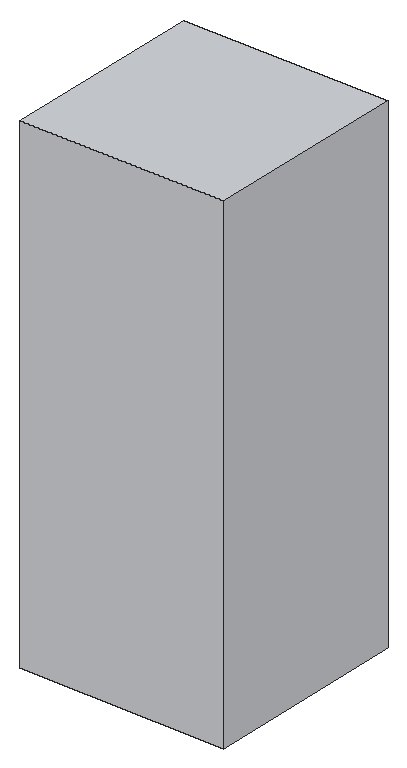
Revit family "Stud", category Generic Models, Revit 2024
Family settings
  Can host rebar = No
  Round Connector Dimension = Use Diameter
  Part Type = Normal
  Work Plane-Based = No
  Always vertical = Yes
  Cut with Voids When Loaded = No
  Maintain Annotation Orientation = No
  Shared = No
  Room Calculation Point = No
Parameters
  Width [instance] = 0' - 5"
  Default Elevation = 0' - 0"
Reference planes (in)
  plane 1 "Center (Front/Back)": y = 0
  plane 2: z = 0
  plane 3 "Center (Left/Right)": x = 0
Forms (in)
  Extrusion 1, solid
    sketch origin (0, 0, 0) x (1, 0, 0) y (0, 1, 0)
      loop
        line (-2.31647, 2.41145) -> (-2.31647, -2.58855) -> (2.68353, -2.58855) -> (2.68353, 2.41145) -> (-2.31647, 2.41145)
    from 0 to 12
Dimensions and locks (in)
  "Width": Extrusion 1 to Extrusion 1
  aligned and locked: plane 2 to level
Automatic sketch dimensions
  Extrusion 1 sketch curve to plane 3 "Center (Left/Right)" = 0' - 2.31647"
  plane 3 "Center (Left/Right)" to Extrusion 1 sketch curve = 0' - 2.68353"
  plane 1 "Center (Front/Back)" to Extrusion 1 sketch curve = 0' - 2.58855"
  Extrusion 1 sketch curve to plane 1 "Center (Front/Back)" = 0' - 2.41145"
